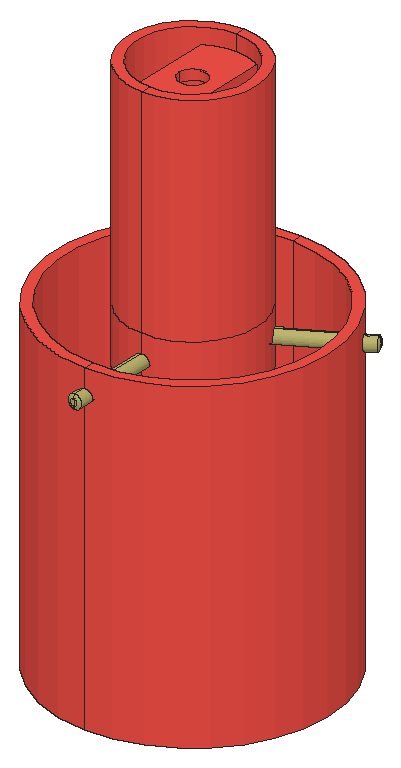
Revit family "CYD510 - INC", category Lighting Fixtures, Revit 2024
Family settings
  Round Connector Dimension = Use Diameter
  Part Type = Normal
  OmniClass Number = 23.80.70.00
  OmniClass Title = Lighting
  Work Plane-Based = No
  Always vertical = Yes
  Cut with Voids When Loaded = No
  Light Source = No
  Maintain Annotation Orientation = No
  Shared = No
  Room Calculation Point = No
Parameters
  Default Elevation = 0' - 0"
Reference planes (in)
  plane 1 "Light Source Axis (F/B)": y = 0
  plane 2: z = 0
  plane 3 "Light Source Axis (L/R)": x = 0
  plane 4 "Light Source Elevation": z = 54
Forms (in)
  Sweep 1, solid, material "FC", not visible
    path origin (75.968, 0, 0.00093) x (1, 0, 0) y (0, 0, 1)
      loop
        arc (-4.5864, 68.3252) -> (-8.91952, 61.72019) -> (-10.59309, 54) r 21.63816
    profile origin (67.04848, 0, 61.72112) x (0.922209, 0, -0.386691) y (0, -1, 0)
      loop
        circle (0, 0) r 0.03125
  Extrusion 2, solid, material "43", not visible
    sketch origin (21.22004, 0.07031, 3.70715) x (1, 0, 0) y (0, 1, 0)
      loop
        arc (0.70087, 4.42509) -> (0.0002, 4.48026) -> (-0.70003, 4.41981) r 4.27232
        line (-0.70003, 4.41981) -> (-0.65367, 4.12712)
        arc (-0.65367, 4.12712) -> (0, 4.17857) -> (0.65367, 4.12712) r 4.17857
        line (0.65367, 4.12712) -> (0.70087, 4.42509)
    from 66 to 73.80732
  Revolve 3, solid, material "43"
    sketch origin (0, 0, 0) x (0, 1, 0) y (0, 0, 1)
      loop
        line (-2.5, 60) -> (-2.5, 54) -> (-2.3125, 54) -> (-2.3125, 60) -> (-2.5, 60)
      loop
        line (-1.1875, 60) -> (-1.1875, 59) -> (-1, 59) -> (-1, 60) -> (-1, 64) -> (-1.1875, 64) -> (-1.1875, 60)
      axis (0, 64) -> (0, 54)
    angle from 0 to 360
  Extrusion 4, solid, material "43"
    sketch origin (0, 0, -0.28125) x (1, 0, 0) y (0, 1, 0)
      loop
        arc (0.5, 0.86603) -> (0.25882, 0.96593) -> (0, 1) r 1
        arc (0, 1) -> (-0.25882, 0.96593) -> (-0.5, 0.86603) r 1
        line (-0.5, 0.86603) -> (-0.5, -0.86603)
        arc (-0.5, -0.86603) -> (-0.25882, -0.96593) -> (0, -1) r 1
        arc (0, -1) -> (0.25882, -0.96593) -> (0.5, -0.86603) r 1
        line (0.5, -0.86603) -> (0.5, 0.86603)
      loop
        circle (0, 0) r 0.25
    from 63.8189 to 64
  Revolve 5, solid, material "BRASS"
    sketch origin (0, 0, 0) x (0, 1, 0) y (0, 0, 1)
      loop
        line (-2.75, 59.53938) -> (-1.116, 59.53938) -> (-1.116, 59.66438) -> (-2.72023, 59.66438) -> (-2.75, 59.60238) -> (-2.75, 59.53938)
      axis (-1.116, 59.53938) -> (-2.75, 59.53938)
    angle from 0 to 360
  Revolve 6, solid, material "BRASS"
    sketch origin (0, 0, 0) x (0.866025, -0.5, 0) y (0, 0, 1)
      loop
        line (-2.75, 59.53938) -> (-1.116, 59.53938) -> (-1.116, 59.66438) -> (-2.72023, 59.66438) -> (-2.75, 59.60238) -> (-2.75, 59.53938)
      axis (-1.116, 59.53938) -> (-2.75, 59.53938)
    angle from 0 to 360
  Revolve 7, solid, material "BRASS"
    sketch origin (0, 0, 0) x (-0.866025, -0.5, 0) y (0, 0, 1)
      loop
        line (-2.75, 59.53938) -> (-1.116, 59.53938) -> (-1.116, 59.66438) -> (-2.72023, 59.66438) -> (-2.75, 59.60238) -> (-2.75, 59.53938)
      axis (-1.116, 59.53938) -> (-2.75, 59.53938)
    angle from 0 to 360
Dimensions and locks (in)
  aligned and locked: level to plane 2
